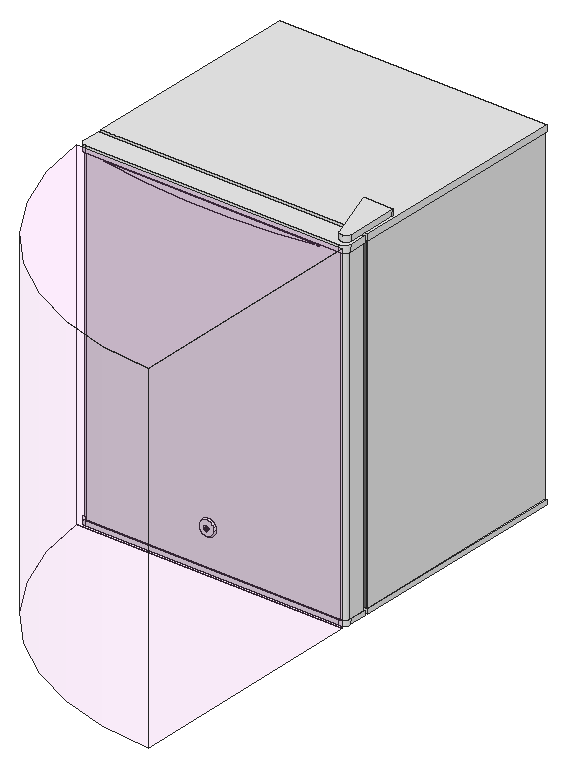
Revit family "Qf_Summit_FS30L_Compact All-Freezer", category Specialty Equipment, Revit 2020
Family settings
  Round Connector Dimension = Use Diameter
  Part Type = Normal
  Work Plane-Based = No
  Always vertical = Yes
  Cut with Voids When Loaded = No
  Shared = No
  Room Calculation Point = No
Parameters
  Weight in Pounds = 43
  Watts = FL Amps * Volts  # 92 W
  Volts = 115 V
  URL Cutsheet = ""
  Specification by User = ""
  Specification by Manufacturer = ""
  Show RHD [instance] = not(Show LHD)  # no
  Show LHD [instance] = yes
  Show Clearance [instance] = yes
  Serial Number = ""
  Seismic Rating = ""
  SMACNA No = ""
  Revision Code = ""
  Refrigerant Volume = 0.00 kip
  Refrigerant Type = "R600a"
  Phase = 1
  Number of Poles = 1
  NAFEM Spec ID Number = ""
  Model = "FS30L"
  Min Ckt Ampacity = 0 A
  Max Overcurrent Protection = 0 A
  Masterspec = ""
  Manufacturer = "Summit"
  Length = 18 1/2"
  Item Number = ""
  Installed By = ""
  Identify Quantity as Lot = yes
  Height = 24 1/2"
  HP = ""
  Furnished By = ""
  Foodservice Equipment Identifier = yes
  FL Amps = 0.8 A
  Electrical Remarks = ""
  Electric Connection Type = ""
  Elec Conn RI Height = 0"
  Elec Conn Connection Height = 0"
  Description = "Compact All-Freezer"
  Depth = 17 3/4"
  Default Elevation = 0"
  Cycle = 60 Hz
  Conn Plug = ""
  Conn Conduit = yes
  CSI MasterFormat = ""
  Apparent Power = 828 VA
Reference planes (in)
  plane 1: z = 0
  plane 2 "LEFT": x = 0
  plane 3 "RIGHT": x = 18.5
  plane 4 "FRONT": y = -18.5
  plane 5 "TOP": z = 24.5
  plane 6 "Center Y": x = 9.25
  plane 7 "Center X": y = -9.625
  plane 8 "BACK": y = -0.75
  plane 9: z = 0.875
  plane 10: y = -16.125
  plane 11: y = -16.499
  plane 12: y = -35.249
  plane 13: z = 24.875
  plane 14: x = 18.375
  plane 15: x = 0.125
  plane 16: x = 15.5
Forms (in)
  Extrusion 1, solid, material "QF_Metallic_Paint_White_Smooth"
    sketch origin (0, 0, 0) x (1, 0, 0) y (0, 1, 0)
      loop
        arc (0.125, -17.68346) -> (0.21915, -17.92375) -> (0.45149, -18.03612) r 0.35371
        arc (0.45149, -18.03612) -> (9.23832, -18.375) -> (18.02519, -18.03715) r 114.25903
        arc (18.02519, -18.03715) -> (18.27278, -17.93218) -> (18.375, -17.68346) r 0.35371
        line (18.375, -17.68346) -> (18.375, -16.499) -> (0.125, -16.499) -> (0.125, -17.68346)
    from 0.875 to 24.5
  Extrusion 2, solid, material "QF_Metallic_Paint_White_Smooth"
    sketch origin (0, 0, 0) x (1, 0, 0) y (0, 1, 0)
      loop
        line (0.125, -16.125) -> (18.375, -16.125) -> (18.375, -0.75) -> (0.125, -0.75) -> (0.125, -16.125)
    from 0.875 to 24.5
  Extrusion 3, solid, material "QF_Plastic_Dark_Grey"
    sketch origin (0, 0, 0) x (1, 0, 0) y (0, 1, 0)
      loop
        line (0.25, -16.125) -> (0.25, -16.499) -> (18.25, -16.499) -> (18.25, -16.125) -> (0.25, -16.125)
    from 1.1875 to 24.0625
  Extrusion 4, solid, material "QF_Metallic_Paint_White_Smooth", visible <- "Show LHD"
    sketch origin (0, 0, 0) x (1, 0, 0) y (0, 1, 0)
      loop
        line (16.25535, -13.85707) -> (17.52106, -17.47292)
        arc (17.52106, -17.47292) -> (17.93784, -17.71873) -> (18.25, -17.34903) r 0.375
        line (18.25, -17.34903) -> (18.25, -13.82403)
        arc (18.25, -13.82403) -> (18.22071, -13.75332) -> (18.15, -13.72403) r 0.1
        line (18.15, -13.72403) -> (16.35, -13.72403)
        arc (16.35, -13.72403) -> (16.26825, -13.76606) -> (16.25535, -13.85707) r 0.1
    from 24.5 to 24.875
  Extrusion 5, solid, material "QF_Metallic_Paint_White_Smooth"
    sketch origin (0, 0, 0) x (1, 0, 0) y (0, 1, 0)
      loop
        line (18.5, -16.499) -> (0, -16.499) -> (0, -17.68346)
        arc (0, -17.68346) -> (0.12743, -18.00867) -> (0.44187, -18.16075) r 0.47871
        arc (0.44187, -18.16075) -> (9.23641, -18.5) -> (18.031, -18.16207) r 114.38403
        arc (18.031, -18.16207) -> (18.3632, -18.01851) -> (18.5, -17.68346) r 0.47871
        line (18.5, -17.68346) -> (18.5, -16.499)
    from 0.875 to 1.1875
  Blend 6, solid, material "QF_Metallic_Paint_White_Smooth"
    base sketch origin (-0.12707, -0.75, -2.00218) x (1, 0, 0) y (0, 0, 1)
      loop
        circle (9.25, 5.91228) r 0.5625
    top sketch origin (-0.12707, -0.75, -2.00218) x (1, 0, 0) y (0, 0, 1)
      loop
        circle (9.25, 5.91228) r 0.5
    from 17.62745 to 17.749
  Extrusion 7, void
    sketch origin (-0.12707, -18.499, -2.00218) x (-1, 0, 0) y (0, 0, 1)
      loop
        circle (-9.25, 5.91228) r 0.1875
      loop
        circle (-9.25, 5.91228) r 0.0625
    from 0 to 0.1875
  Revolve 8, solid, material "QF_Plastic_Dark_Grey"
    sketch origin (0, -14.75, 0) x (1, 0, 0) y (0, 0, 1)
      loop
        line (1.625, 0) -> (2.06016, 0) -> (2.06016, 0.375) -> (1.93516, 0.375) -> (1.93516, 0.5625) -> (1.75, 0.5625) -> (1.75, 0.75) -> (2.1875, 0.75) -> (2.1875, 0.875) -> (1.625, 0.875) -> (1.625, 0)
      axis (1.625, 0) -> (1.625, 0.875)
    angle from 0 to 360
  Extrusion 9, solid, material "QF_Metallic_Paint_White_Smooth"
    sketch origin (1, -0.75, -0.37) x (1, 0, 0) y (0, 0, 1)
      loop
        circle (14.5, 1.875) r 0.25
    from 0 to -0.11833
  Extrusion 10, solid, material "QF_Clearances_Door_Drawer", visible <- "Show LHD"
    sketch origin (0, 0, 0) x (1, 0, 0) y (0, 1, 0)
      loop
        arc (0, -18.37742) -> (5.97718, -30.40192) -> (18.5, -35.24899) r 18.5625
        line (18.5, -35.24899) -> (18.5, -18.37742) -> (0, -18.37742)
    from 0.875 to 24.5
  Extrusion 11, solid, material "QF_Metallic_Paint_White_Smooth"
    sketch origin (0, 0, 0) x (1, 0, 0) y (0, 1, 0)
      loop
        line (0, -0.75) -> (0, -16.25) -> (18.5, -16.25) -> (18.5, -0.75) -> (0, -0.75)
    from 24.0625 to 24.5
  Extrusion 12, solid, material "QF_Metallic_Paint_White_Smooth"
    sketch origin (0, 0, -23.2375) x (1, 0, 0) y (0, 1, 0)
      loop
        line (0, -0.75) -> (0, -16.25) -> (18.5, -16.25) -> (18.5, -0.75) -> (0, -0.75)
    from 24.1125 to 24.425
  Extrusion 13, solid, material "QF_Metallic_Paint_White_Smooth"
    sketch origin (0, 0, 23.25) x (1, 0, 0) y (0, 1, 0)
      loop
        line (18.5, -16.499) -> (0, -16.499) -> (0, -17.68346)
        arc (0, -17.68346) -> (0.12743, -18.00867) -> (0.44187, -18.16075) r 0.47871
        arc (0.44187, -18.16075) -> (9.23641, -18.5) -> (18.031, -18.16207) r 114.38403
        arc (18.031, -18.16207) -> (18.3632, -18.01851) -> (18.5, -17.68346) r 0.47871
        line (18.5, -17.68346) -> (18.5, -16.499)
    from 0.8125 to 1.25
  Extrusion 14, solid, material "QF_Metallic_Paint_White_Smooth"
    sketch origin (0, -0.75, 0) x (1, 0, 0) y (0, 0, 1)
      loop
        arc (1.75, 24.0625) -> (9.25, 23.75) -> (16.75, 24.0625) r 90.15625
        line (16.75, 24.0625) -> (1.75, 24.0625)
    from 17.28718 to 17.75003
  Extrusion 15, void
    sketch origin (0, 0, 24.5) x (0, 1, 0) y (1, 0, 0)
      loop
        arc (-18.23913, 1.52427) -> (-18.5, 9.25001) -> (-18.23846, 16.97573) r 114.38403
        line (-18.23846, 16.97573) -> (-18.73913, 16.97573) -> (-18.73913, 1.52427) -> (-18.23913, 1.52427)
    from 0 to 0.77765
  Revolve 16, solid, material "QF_Plastic_Dark_Grey"
    sketch origin (18.5, -14.75, 0) x (-1, 0, 0) y (0, 0, -1)
      loop
        line (1.625, 0) -> (1.625, -0.875) -> (2.1875, -0.875) -> (2.1875, -0.75) -> (1.75, -0.75) -> (1.75, -0.5625) -> (1.93516, -0.5625) -> (1.93516, -0.375) -> (2.06016, -0.375) -> (2.06016, 0) -> (1.625, 0)
      axis (1.625, 0) -> (1.625, -0.875)
    angle from 0 to 360
  Revolve 17, solid, material "QF_Plastic_Dark_Grey"
    sketch origin (0, -2.08516, 0) x (1, 0, 0) y (0, 0, 1)
      loop
        line (1.625, 0) -> (2.06016, 0) -> (2.06016, 0.375) -> (1.93516, 0.375) -> (1.93516, 0.5625) -> (1.75, 0.5625) -> (1.75, 0.75) -> (2.1875, 0.75) -> (2.1875, 0.875) -> (1.625, 0.875) -> (1.625, 0)
      axis (1.625, 0) -> (1.625, 0.875)
    angle from 0 to 360
  Revolve 18, solid, material "QF_Plastic_Dark_Grey"
    sketch origin (18.5, -2.08516, 0) x (-1, 0, 0) y (0, 0, -1)
      loop
        line (1.625, 0) -> (1.625, -0.875) -> (2.1875, -0.875) -> (2.1875, -0.75) -> (1.75, -0.75) -> (1.75, -0.5625) -> (1.93516, -0.5625) -> (1.93516, -0.375) -> (2.06016, -0.375) -> (2.06016, 0) -> (1.625, 0)
      axis (1.625, 0) -> (1.625, -0.875)
    angle from 0 to 360
  Extrusion 19, solid, material "QF_Metallic_Paint_White_Smooth", visible <- "Show RHD"
    sketch origin (18.5, 0, 0) x (-1, 0, 0) y (0, -1, 0)
      loop
        arc (16.25535, 13.85707) -> (16.26825, 13.76606) -> (16.35, 13.72403) r 0.1
        line (16.35, 13.72403) -> (18.15, 13.72403)
        arc (18.15, 13.72403) -> (18.22071, 13.75332) -> (18.25, 13.82403) r 0.1
        line (18.25, 13.82403) -> (18.25, 17.34903)
        arc (18.25, 17.34903) -> (17.93784, 17.71873) -> (17.52106, 17.47292) r 0.375
        line (17.52106, 17.47292) -> (16.25535, 13.85707)
    from 24.5 to 24.875
  Extrusion 20, solid, material "QF_Clearances_Door_Drawer", visible <- "Show RHD"
    sketch origin (18.5, 0, 0) x (-1, 0, 0) y (0, -1, 0)
      loop
        line (0, 18.37742) -> (18.5, 18.37742) -> (18.5, 35.24899)
        arc (18.5, 35.24899) -> (5.97718, 30.40192) -> (0, 18.37742) r 18.5625
    from 0.875 to 24.5
Cuts and joins
  Extrusion 7 cuts Blend 6
  Extrusion 7 cuts Extrusion 10
  Extrusion 15 cuts Extrusion 14
  joined: Extrusion 1, Extrusion 2, Extrusion 11, Extrusion 12, Extrusion 13, Extrusion 14
Lines and regions (in)
  symbolic lines, style "SpecialityEquipment", visible <- "Show LHD"
    curve 1: line (16.25535, -13.85707, 0) -> (17.52106, -17.47292, 0)
    curve 2: arc (17.52106, -17.47292, 0) -> (17.93784, -17.71873, 0) -> (18.25, -17.34903, 0) r 0.375
    curve 3: line (18.25, -17.34903, 0) -> (18.25, -13.82403, 0)
    curve 4: arc (18.25, -13.82403, 0) -> (18.22071, -13.75332, 0) -> (18.15, -13.72403, 0) r 0.1
    curve 5: line (18.15, -13.72403, 0) -> (16.35, -13.72403, 0)
    curve 6: arc (16.35, -13.72403, 0) -> (16.26825, -13.76606, 0) -> (16.25535, -13.85707, 0) r 0.1
    curve 9: line (18.5, -16.499, 0) -> (18.25, -16.499, 0)
    curve 16: line (0, -16.25, 0) -> (17.09298, -16.25, 0)
    curve 17: line (18.25, -16.25, 0) -> (18.5, -16.25, 0)
    curve 18: line (17.18014, -16.499, 0) -> (-0.00417, -16.499, 0)
  symbolic lines, style "SpecialityEquipment"
    curve 7: arc (18.5, -17.68346, 0) -> (18.39586, -17.98155, 0) -> (18.12876, -18.14995, 0) r 0.47871
    curve 8: line (18.5, -17.68346, 0) -> (18.5, -16.499, 0)
    curve 10: line (-0.00417, -16.499, 0) -> (-0.00417, -17.68416, 0)
    curve 11: arc (-0.00417, -17.68416, 0) -> (0.10114, -17.9834, 0) -> (0.37065, -18.15072, 0) r 0.47779
    curve 12: arc (0.37065, -18.15072, 0) -> (9.24972, -18.5, 0) -> (18.12876, -18.14995, 0) r 112.90773
    curve 13: line (18.5, -16.25, 0) -> (18.5, -0.75, 0)
    curve 14: line (18.5, -0.75, 0) -> (0, -0.75, 0)
    curve 15: line (0, -0.75, 0) -> (0, -16.25, 0)
  symbolic lines, style "QF_Clearances_Door_Drawer", visible <- "Show LHD"
    curve 19: arc (0, -18.37742, 0) -> (1.0114, -22.94975, 0) -> (3.13488, -27.12347, 0) r 18.5625
    curve 20: line (18.5, -18.37742, 0) -> (3.13488, -27.12347, 0)
  symbolic lines, style "SpecialityEquipment", visible <- "Show RHD"
    curve 21: line (2.24465, -13.85707, 0) -> (0.97894, -17.47292, 0)
    curve 22: arc (0.97894, -17.47292, 0) -> (0.56216, -17.71873, 0) -> (0.25, -17.34903, 0) r 0.375
    curve 23: line (0.25, -17.34903, 0) -> (0.25, -13.82403, 0)
    curve 24: arc (0.25, -13.82403, 0) -> (0.27929, -13.75332, 0) -> (0.35, -13.72403, 0) r 0.1
    curve 25: line (0.35, -13.72403, 0) -> (2.15, -13.72403, 0)
    curve 26: arc (2.15, -13.72403, 0) -> (2.23175, -13.76606, 0) -> (2.24465, -13.85707, 0) r 0.1
    curve 29: line (-0.00417, -16.499, 0) -> (0.25, -16.499, 0)
    curve 30: line (18.5, -16.25, 0) -> (1.40702, -16.25, 0)
    curve 31: line (0.25, -16.25, 0) -> (0, -16.25, 0)
    curve 32: line (1.31986, -16.499, 0) -> (18.5, -16.499, 0)
  symbolic lines, style "QF_Clearances_Door_Drawer", visible <- "Show RHD"
    curve 27: arc (18.5, -18.37742, 0) -> (17.4886, -22.94975, 0) -> (15.36512, -27.12347, 0) r 18.5625
    curve 28: line (0, -18.37742, 0) -> (15.36512, -27.12347, 0)
Dimensions and locks (in)
  equal spacing: plane 2 "LEFT", plane 6 "Center Y", plane 3 "RIGHT"
  "Length": plane 2 "LEFT" to plane 3 "RIGHT"
  equal spacing: plane 4 "FRONT", plane 7 "Center X", plane 8 "BACK"
  "Height": plane 5 "TOP" to level
  plane 3 "RIGHT" to plane 2 "LEFT" = 18 1/2"
  plane 5 "TOP" to level = 24 1/2"  (x2)
  "Depth": plane 4 "FRONT" to plane 8 "BACK"
  plane 9 to level = 7/8"
  plane 10 to plane 8 "BACK" = 15 3/8"
  plane 12 to plane 8 "BACK" = 34.499"
  plane 13 to plane 5 "TOP" = 3/8"
  plane 16 to plane 3 "RIGHT" = 3"
  aligned and locked: level to plane 1
  aligned and locked: plane 5 "TOP" to Extrusion 1
  aligned and locked: plane 9 to Extrusion 1
  aligned and locked: Extrusion 4 to plane 13
  aligned and locked: Extrusion 4 to plane 5 "TOP"
  aligned and locked: Extrusion 2 to plane 15
Automatic sketch dimensions
  Extrusion 4 sketch curve to plane 16 = 0.75535"
  Extrusion 4 sketch curve to Extrusion 4 sketch curve = 0.09438"
  Extrusion 4 sketch curve to Extrusion 4 sketch curve = 0.00026"
  plane 14 to Extrusion 4 sketch curve = 0.85394"
  Extrusion 4 sketch curve to Extrusion 4 sketch curve = 0.35394"
  plane 14 to Extrusion 4 sketch curve = 0.225"
  plane 14 to Extrusion 4 sketch curve = 1/8"
  plane 11 to Extrusion 4 sketch curve = 0.97392"
  Extrusion 4 sketch curve to plane 10 = 2.26793"
  Extrusion 4 sketch curve to Extrusion 4 sketch curve = 0.03304"
  Extrusion 10 sketch curve to plane 2 "LEFT" = 0"
  Extrusion 10 sketch curve to plane 3 "RIGHT" = 0"
  plane 3 "RIGHT" to Extrusion 10 sketch curve = 0.01468"
  Extrusion 10 sketch curve to plane 12 = 0"
  Extrusion 10 sketch curve to plane 4 "FRONT" = 0.12258"
  Extrusion 11 sketch curve to plane 2 "LEFT" = 0"
  Extrusion 11 sketch curve to plane 3 "RIGHT" = 0"
  plane 8 "BACK" to Extrusion 11 sketch curve = 0"
  plane 10 to Extrusion 11 sketch curve = 1/8"
  Extrusion 12 sketch curve to plane 2 "LEFT" = 0"
  Extrusion 12 sketch curve to plane 3 "RIGHT" = 0"
  plane 8 "BACK" to Extrusion 12 sketch curve = 0"
  plane 10 to Extrusion 12 sketch curve = 1/8"
  Extrusion 20 sketch curve to plane 3 "RIGHT" = 0"
  Extrusion 20 sketch curve to plane 2 "LEFT" = 0"
  plane 2 "LEFT" to Extrusion 20 sketch curve = 0.01468"
  plane 11 to Extrusion 20 sketch curve = 3/16"
  Extrusion 20 sketch curve to plane 4 "FRONT" = 0.12258"
  plane 11 to curve 10 = 0"
  curve 31 to plane 2 "LEFT" = 0"
  curve 28 to plane 2 "LEFT" = 0"
  plane 11 to curve 32 = 0"
  curve 27 to plane 3 "RIGHT" = 0"
  curve 7 to plane 3 "RIGHT" = 0"
  curve 17 to plane 3 "RIGHT" = 0"
  plane 8 "BACK" to curve 13 = 0"
  curve 18 to plane 2 "LEFT" = 0.00417"
  plane 2 "LEFT" to curve 27 = 0.01468"
  plane 15 to curve 23 = 1/8"
  curve 24 to curve 25 = 0.1"
  plane 15 to curve 11 = 0.34862"
  curve 11 to curve 22 = 0.15138"
  curve 22 to curve 21 = 0.35394"
  curve 25 to curve 25 = 1.8"
  curve 25 to curve 26 = 0.00026"
  curve 26 to curve 21 = 0.09438"
  plane 15 to curve 20 = 3.00988"
  curve 12 to plane 6 "Center Y" = 0.00521"
  plane 16 to curve 28 = 0.13488"
  curve 1 to plane 16 = 0.75535"
  curve 1 to curve 6 = 0.09438"
  curve 6 to curve 5 = 0.00026"
  plane 14 to curve 1 = 0.85394"
  curve 1 to curve 2 = 0.35394"
  plane 14 to curve 7 = 0.35371"
  plane 14 to curve 4 = 0.225"
  curve 4 to curve 3 = 0.1"
  plane 3 "RIGHT" to curve 19 = 0.01468"
  plane 11 to curve 19 = 3/16"
  plane 11 to curve 27 = 3/16"
  plane 11 to curve 2 = 0.85003"
  curve 23 to curve 27 = 0.66253"
  curve 8 to curve 2 = 0.33443"
  curve 10 to curve 23 = 0.33513"
  curve 28 to plane 4 "FRONT" = 0.12258"
  curve 20 to plane 4 "FRONT" = 0.12258"
  plane 10 to curve 16 = 1/8"
  plane 10 to curve 30 = 1/8"
  curve 21 to plane 10 = 2.26793"
  curve 1 to plane 10 = 2.26793"
  curve 21 to curve 24 = 0.03304"
  curve 1 to curve 4 = 0.03304"
  curve 12 to plane 8 "BACK" = 95.15773"
  plane 15 to curve 12 = 0.24565"
  Extrusion 1 sketch curve to plane 15 = 0"
  plane 11 to Extrusion 1 sketch curve = 0"
  Extrusion 1 sketch curve to plane 14 = 0"
  plane 15 to Extrusion 1 sketch curve = 0.35371"
  Extrusion 1 sketch curve to plane 6 "Center Y" = 0.005"
  plane 14 to Extrusion 1 sketch curve = 0.35371"
  Extrusion 1 sketch curve to plane 4 "FRONT" = 0.81654"  (x2)
  Extrusion 1 sketch curve to plane 8 "BACK" = 96.63403"
  Extrusion 1 sketch curve to Extrusion 1 sketch curve = 0"
  plane 8 "BACK" to Extrusion 2 sketch curve = 0"
  Extrusion 2 sketch curve to plane 15 = 0"
  plane 10 to Extrusion 2 sketch curve = 0"
  Extrusion 2 sketch curve to plane 14 = 0"
  plane 11 to Extrusion 3 sketch curve = 0"
  plane 10 to Extrusion 3 sketch curve = 0"
  plane 15 to Extrusion 3 sketch curve = 1/8"
  plane 14 to Extrusion 3 sketch curve = 1/8"
  Extrusion 5 sketch curve to plane 2 "LEFT" = 0"
  Extrusion 5 sketch curve to plane 3 "RIGHT" = 0"
  plane 11 to Extrusion 5 sketch curve = 0"
  plane 15 to Extrusion 5 sketch curve = 0.35371"
  Extrusion 5 sketch curve to plane 6 "Center Y" = 0.005"
  plane 14 to Extrusion 5 sketch curve = 0.35371"
  Extrusion 5 sketch curve to plane 4 "FRONT" = 0.81654"  (x2)
  Extrusion 5 sketch curve to plane 8 "BACK" = 96.63403"
  Extrusion 5 sketch curve to Extrusion 5 sketch curve = 0"
  Blend 6 sketch curve to plane 6 "Center Y" = 0.12707"  (x2)
  Blend 6 sketch curve to plane 9 = 3.0351"  (x2)
  Revolve 8 sketch curve to level = 0"
  Revolve 8 sketch curve to plane 9 = 0"  (x2)
  plane 15 to Revolve 8 sketch curve = 1 1/2"
  Revolve 8 sketch curve to Revolve 8 sketch curve = 1/8"  (x3)
  Revolve 8 sketch curve to Revolve 8 sketch curve = 0.18516"
  Revolve 8 sketch curve to Revolve 8 sketch curve = 0.25234"
  level to Revolve 8 sketch curve = 3/8"
  Revolve 8 sketch curve to Revolve 8 sketch curve = 3/16"
  Revolve 8 sketch curve to Revolve 8 sketch curve = 0"
  Revolve 8 sketch curve to plane 9 = 1"
  plane 16 to Extrusion 9 sketch curve = 0"
  Extrusion 9 sketch curve to plane 9 = 0.63"
  Extrusion 13 sketch curve to plane 2 "LEFT" = 0"
  Extrusion 13 sketch curve to plane 3 "RIGHT" = 0"
  plane 11 to Extrusion 13 sketch curve = 0"
  plane 15 to Extrusion 13 sketch curve = 0.35371"
  Extrusion 13 sketch curve to plane 6 "Center Y" = 0.005"
  plane 14 to Extrusion 13 sketch curve = 0.35371"
  Extrusion 13 sketch curve to plane 4 "FRONT" = 0.81654"  (x2)
  Extrusion 13 sketch curve to plane 8 "BACK" = 96.63403"
  Extrusion 13 sketch curve to Extrusion 13 sketch curve = 0"
  Extrusion 14 sketch curve to plane 6 "Center Y" = 0"
  Extrusion 14 sketch curve to plane 5 "TOP" = 7/16"
  plane 15 to Extrusion 14 sketch curve = 1 5/8"
  Extrusion 14 sketch curve to plane 13 = 89 1/32"
  Extrusion 15 sketch curve to Extrusion 1 = 1.39927"  (x2)
  Extrusion 15 sketch curve to Extrusion 15 sketch curve = 0.50068"
  Revolve 16 sketch curve to level = 0"
  Revolve 16 sketch curve to plane 9 = 0"  (x2)
  Revolve 16 sketch curve to plane 16 = 1 3/8"
  Revolve 16 sketch curve to Revolve 16 sketch curve = 1/8"  (x2)
  Revolve 16 sketch curve to Revolve 16 sketch curve = 0.18516"
  Revolve 16 sketch curve to Revolve 16 sketch curve = 0.25234"
  plane 9 to Revolve 16 sketch curve = 1/8"
  Revolve 16 sketch curve to Revolve 16 sketch curve = 3/16"  (x2)
  Revolve 16 sketch curve to Revolve 16 sketch curve = 0"
  Revolve 16 sketch curve to Revolve 16 sketch curve = 1"
  Revolve 17 sketch curve to level = 0"
  Revolve 17 sketch curve to plane 9 = 0"  (x2)
  plane 15 to Revolve 17 sketch curve = 1 1/2"
  Revolve 17 sketch curve to Revolve 17 sketch curve = 1/8"  (x3)
  Revolve 17 sketch curve to Revolve 17 sketch curve = 0.18516"
  Revolve 17 sketch curve to Revolve 17 sketch curve = 0.25234"
  level to Revolve 17 sketch curve = 3/8"
  Revolve 17 sketch curve to Revolve 17 sketch curve = 3/16"
  Revolve 17 sketch curve to Revolve 17 sketch curve = 0"
  Revolve 17 sketch curve to plane 9 = 1"
  Revolve 18 sketch curve to level = 0"
  Revolve 18 sketch curve to plane 9 = 0"  (x2)
  Revolve 18 sketch curve to plane 16 = 1 3/8"
  Revolve 18 sketch curve to Revolve 18 sketch curve = 1/8"  (x3)
  Revolve 18 sketch curve to Revolve 18 sketch curve = 0.18516"
  Revolve 18 sketch curve to Revolve 18 sketch curve = 0.25234"
  Revolve 18 sketch curve to Revolve 18 sketch curve = 3/16"  (x2)
  Revolve 18 sketch curve to Revolve 18 sketch curve = 0"
  Revolve 18 sketch curve to plane 9 = 1"
  plane 15 to Extrusion 19 sketch curve = 2.11965"
  Extrusion 19 sketch curve to Extrusion 19 sketch curve = 0.09438"
  Extrusion 19 sketch curve to Extrusion 19 sketch curve = 0.00026"
  plane 15 to Extrusion 19 sketch curve = 0.85394"
  Extrusion 19 sketch curve to Extrusion 19 sketch curve = 0.35394"
  plane 15 to Extrusion 19 sketch curve = 0.225"
  plane 15 to Extrusion 19 sketch curve = 1/8"
  Extrusion 19 sketch curve to plane 10 = 2.40097"
  Extrusion 19 sketch curve to Extrusion 19 sketch curve = 0.1"
  plane 11 to Extrusion 19 sketch curve = 0.85003"
  radius of Blend 6 sketch curve = 9/16"
  radius of Blend 6 sketch curve = 1/2"
  radius of Extrusion 7 sketch curve to Blend 6 = 5/16"
  radius of Extrusion 7 sketch curve to Blend 6 = 7/16"
  radius of Extrusion 9 sketch curve = 1/4"
  radius of Extrusion 1 to Extrusion 15 sketch curve = 1/8"
Connectors (in)
  electrical at (15.5, -0.63167, 1.505), driven by "Volts", driven by "Apparent Power"
    settings: on Extrusion 9, index 2, voltage 115 V, apparent load 828 VA, apparent load phase1 0 VA, apparent load phase2 0 VA, apparent load phase3 0 VA, power factor 1, load classification "Other", number of poles 1, system type 30, power factor state 1, is connector primary yes, connector utility no, sub classification motor no, connector description ""
